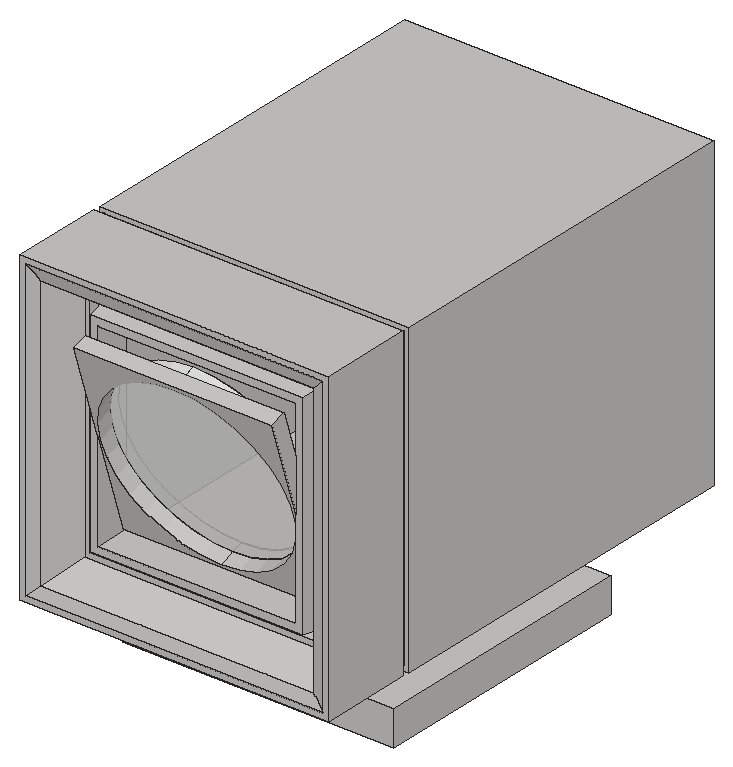
Revit family "Lighting-Luminii-Leto_44_Plus_WM_A_MID new", category Lighting Fixtures, host Face, Revit 2020
Family settings
  Host = Face
  Round Connector Dimension = Use Diameter
  Part Type = Normal
  OmniClass Number = 23.80.70.11.14.11
  OmniClass Title = Downlights
  Cut with Voids When Loaded = No
  Light Source = Yes
  Shared = Yes
  Room Calculation Point = No
Parameters (values of type "Leto 44 PLUS WM A MID")
  Width = 0' - 6 15/16"  # constant formula
  Wattage Comments = "6.5W"
  Wattage = 6.49954 W
  Warranty URL = "https://www.luminii.com/terms-conditions/"
  built-in parameter 1150110 = 1 (stored number, unit not read)
  Voltage Comments = "120V | 277V | 347V"  # constant formula
  Voltage = 120 V
  Version = "2020 - v1.0a"  # constant formula
  URL = "https://www.luminii.com/"
  built-in parameter 1114217 = 1 (stored number, unit not read)
  Tilt Angle = 0.00°  # constant formula
  built-in parameter 1150109 = 1 (stored number, unit not read)
  built-in parameter 1150134 = (empty or 0)
  built-in parameter 1150113 = 1 (stored number, unit not read)
  Support Phone = "224-699-9545"  # constant formula
  Support Email = "mailto:support@bimsmith.com"
  Product Page URL = "https://www.luminii.com/product/leto-44-plus-wm-a-mid/"
  Power Source Type = "Driver"  # constant formula
  Power Factor = 1
  Photometric Web File = "711A-A90-618-35-10-DL.ies"
  Phase = 1
  Operating Temperature = "Consult Manufacturer Website for more Information"  # constant formula
  Number of Poles = if(and(or(Voltage = 120 V, Voltage = 277 V), Phase = 1), 1, if(and(or(Voltage = 208 V, Voltage = 240 V), Phase = 1), 2, if(and(or(Voltage = 208 V, Voltage = 240 V), Phase = 3), 3, if(and(Voltage > 300 V, Phase = 1), 2, if(and(Voltage > 400 V, Phase = 3), 3, 1)))))  # 1
  Mounting Method = "Wall Mount"  # constant formula
  Model = "711"  # constant formula
  Manufacturer Phone Number = "403-216-7043"  # constant formula
  Manufacturer Email = "mailto: info@sensolighting.com"
  Manufacturer Address = "302 50 Ave SE. Calgary, Alberta, T2G 2A9 Canada"  # constant formula
  Manufacturer = "Luminii"  # constant formula
  built-in parameter 1150105 = 55.704 (stored number, unit not read)
  Lumens = 700 lm
  Luminaire Type = "Wall Mount Asymmetric LED Downlight"  # constant formula
  built-in parameter 1150115 = 1 (stored number, unit not read)
  Load Classification = Lighting
  built-in parameter 1150137 = (empty or 0)
  built-in parameter 1150139 = (empty or 0)
  Lens Material = Plastic - Luminii - Frosted Lens
  Length = 0' - 5 9/16"  # constant formula
  built-in parameter 1150112 = 1 (stored number, unit not read)
  built-in parameter 1150114 = 1 (stored number, unit not read)
  Lamp Life = 1
  Lamp = "LED"  # constant formula
  Keynote = "26 50 00"
  built-in parameter 1150132 = 2
  built-in parameter 1150102 = (empty or 0)
  built-in parameter 1150107 = 3500 (stored number, unit not read)
  Initial Color Comments = "Perfomance based on 3500K Photometric Web File"  # constant formula
  built-in parameter 1150138 = (empty or 0)
  built-in parameter 1150106 = 0.55704 (stored number, unit not read)
  Housing Protection Rating = "Consult Manufacturer Website for more Information"  # constant formula
  Has Dimming = 1 = 1  # yes
  Has Battery Backup = 0 = 1  # no
  Frequency Comments = ""  # constant formula
  Frequency = 60 Hz
  Finish = Metal - Luminii - Silver Anodized Aluminum
  Environment = "Indoor"  # constant formula
  built-in parameter 1150104 = 10.006 (stored number, unit not read)
  Dimming Type = "Consult Manufacturer Website for more Information"  # constant formula
  Dimming Lamp Color Temperature Shift = <None>
  Description = "Wall Mount Asymmetric LED Downlight"  # constant formula
  Depth = 0' - 8 11/16"  # constant formula
  Default Elevation = 0' - 0"  # constant formula
  Current Amps = 50 A
  Copyright = "©2024 Luminii"  # constant formula
  Control Zone = "Consult Manufacturer Website for more Information"  # constant formula
  Control Type = "Consult Manufacturer Website for more Information"  # constant formula
  Constraints = 1  # constant formula
  Color Filter = 16777215
  built-in parameter 1114216 [instance] = 0  # (empty or 0)
  built-in parameter 1140040 [instance] = 1 = 1  # 1
  CCT = "3500K"
  built-in parameter 1114218 = 1 (stored number, unit not read)
  built-in parameter 1150133 = 10 (stored number, unit not read)
  Assembly Code = "D5020200"
  Apparent Load = Wattage / Power Factor  # 6.49954 VA
Reference planes (in)
  plane 1 "Center (Front/Back)": y = 0
  plane 2: z = 0
  plane 3 "Center (Left/Right)": x = 0
  plane 4: x = 2.78125
  plane 5: x = -2.78125
  plane 6: y = 4.34375
  plane 7: y = -4.34375
  plane 8: z = 4.16492
  plane 9: z = 1.37992
  plane 10: z = 6.9375
Forms (in)
  Extrusion 1, solid, material "Metal - Luminii - Silver Anodized Aluminum", not visible
    sketch origin (0, 0, 0) x (1, 0, 0) y (0, 1, 0)
      loop
        circle (0, 0) r 0.5
    from 0 to -0.17225
Dimensions and locks (in)
  equal spacing: plane 5, plane 3 "Center (Left/Right)", plane 4
  equal spacing: plane 6, plane 1 "Center (Front/Back)", plane 7
  imposter light to plane 9 = 0' - 2.77879"
  locked: plane 9 to host face at 1.37992
  equal spacing: plane 10, imposter light, plane 9
  plane 10 to plane 9 = 0' - 5.55758"
  "Depth": plane 7 to plane 6
  "Width": host face to plane 10
  "Length": plane 4 to plane 5
  aligned and locked: plane 2 to host face
  aligned and locked: plane 3 "Center (Left/Right)" to Extrusion 1 sketch curve
  aligned and locked: plane 1 "Center (Front/Back)" to Extrusion 1 sketch curve
  aligned and locked: plane 2 to Extrusion 1  (x2)
  aligned and locked: imposter light to plane 3 "Center (Left/Right)"
Automatic sketch dimensions
  host sketch curve to host sketch curve = 8' - 0"  (x2)
  radius of Extrusion 1 sketch curve = 0' - 0 1/2"
Nested families (in)
  nested 1: "Nested - Lamp" at (0, 0, 0), type "Nested - Lamp"
Connectors (in)
  electrical at (0, 0, 0), driven by "Number of Poles", driven by "Load Classification", driven by "Voltage", driven by "Apparent Load", driven by "Power Factor"
    settings: on Extrusion 1, index 1, voltage 120 V, apparent load 6.49954 VA, apparent load phase1 0 VA, apparent load phase2 0 VA, apparent load phase3 0 VA, power factor 1, load classification "Lighting", number of poles 1, system type 30, power factor state 1, is connector primary yes, connector utility no, sub classification motor no, connector description "Power Connection"
Definition of nested family "Nested - Lamp"
  Parameters (values of type "Nested - Lamp")
    Width = 0' - 5.57087"  # constant formula
    Screen Material = none
    Inner Screen = none
    Height = 0' - 6.49606"  # constant formula
    Finish = none
    Default Elevation = 4' - 0"
    Constraint = 3
  Reference planes (in)
    plane 1 "Center (Front/Back)": y = 0
    plane 2: z = 0
    plane 3 "Center (Left/Right)": x = 0
    plane 4: z = 3.25
    plane 5: z = 4.16492
    plane 6: x = -1.87008
    plane 7: x = 1.87008
    plane 8: x = -2.785
    plane 9: x = 2.785
    plane 10: y = -4.3305
    plane 11: y = 4.3305
  Forms (in)
    Extrusion 1, solid
      sketch origin (0, 0, 0) x (1, 0, 0) y (0, 1, 0)
        loop
          line (-48, 48) -> (-48, -48) -> (48, -48) -> (48, 48) -> (-48, 48)
      from 0 to -12
    Sweep 2, solid, material <- "Finish", detail levels medium+fine
      path origin (-0.03362, -2.16535, 6.49563) x (0, 0, 1) y (-1, 0, 0)
        loop
          line (0.45479, -2.81862) -> (0.45479, 2.75138) -> (-5.11621, 2.75138) -> (-5.11621, -2.81862) -> (0.45479, -2.81862)
      profile origin (2.785, -2.16535, 4.16492) x (0, -1, 0) y (1, 0, 0)
        loop
          line (-6.49585, 0) -> (-6.49585, -0.07874) -> (-6.299, -0.07874) -> (-6.299, -0.21654) -> (1.03115, -0.21654) -> (1.03115, -1) -> (1.66515, -1) -> (1.66515, -0.875) -> (1.25132, -0.81684)
          arc (1.25132, -0.81684) -> (1.22765, -0.79301) -> (1.24683, -0.76544) r 0.02623
          line (1.24683, -0.76544) -> (1.53115, -0.74056) -> (1.53115, -0.65072) -> (2.09953, -0.32428) -> (2.16515, -0.10547) -> (2.16515, 0) -> (0.4999, 0) -> (0.4999, -0.07874) -> (0.3749, -0.07874) -> (0.3749, 0) -> (-6.49585, 0)
    Extrusion 3, solid, material <- "Finish"
      sketch origin (1.59205, -4.15711, 6.82304) x (0, 0.309017, -0.951057) y (1, 0, 0)
        loop
          line (4.45826, 0.19345) -> (0.88726, 0.19345) -> (0.88726, -3.37755) -> (4.45826, -3.37755) -> (4.45826, 0.19345)
        loop
          circle (2.67276, -1.59205) r 1.738
      from 0.23419 to 0.51772
    Extrusion 4, solid, material <- "Screen Material"
      sketch origin (1.59205, -5.57739, 6.36157) x (0, 0.309017, -0.951057) y (1, 0, 0)
        loop
          circle (2.67276, -1.59205) r 1.738
      from -1.25917 to -1.46931
    Extrusion 5, solid, material <- "Finish", detail levels medium+fine
      sketch origin (-0.03362, -1.42778, 6.03258) x (0, 0, 1) y (-1, 0, 0)
        loop
          line (0.8391, -2.73988) -> (0.8391, 2.67263) -> (-4.57442, 2.67263) -> (-4.57442, -2.73988) -> (0.8391, -2.73988)
        loop
          line (-1.27711, -0.35085) -> (-0.52144, -0.35085)
          arc (-0.52144, -0.35085) -> (-0.24585, -0.07526) -> (-0.52144, 0.20033) r 0.27559
          line (-0.52144, 0.20033) -> (-1.27711, 0.20033)
          arc (-1.27711, 0.20033) -> (-1.49982, 0.29258) -> (-1.59207, 0.51529) r 0.31496
          line (-1.59207, 0.51529) -> (-1.59207, 1.14748)
          arc (-1.59207, 1.14748) -> (-1.86766, 1.42307) -> (-2.14325, 1.14748) r 0.27559
          line (-2.14325, 1.14748) -> (-2.14325, 0.55693)
          arc (-2.14325, 0.55693) -> (-2.2355, 0.33422) -> (-2.45821, 0.24197) r 0.31496
          line (-2.45821, 0.24197) -> (-3.04876, 0.24197)
          arc (-3.04876, 0.24197) -> (-3.32435, -0.03362) -> (-3.04876, -0.30922) r 0.27559
          line (-3.04876, -0.30922) -> (-2.45821, -0.30922)
          arc (-2.45821, -0.30922) -> (-2.2355, -0.40147) -> (-2.14325, -0.62418) r 0.31496
          line (-2.14325, -0.62418) -> (-2.14325, -1.21473)
          arc (-2.14325, -1.21473) -> (-1.86766, -1.49032) -> (-1.59207, -1.21473) r 0.27559
          line (-1.59207, -1.21473) -> (-1.59207, -0.66582)
          arc (-1.59207, -0.66582) -> (-1.49982, -0.4431) -> (-1.27711, -0.35085) r 0.31496
      from -5.75828 to -5.68358
    Extrusion 6, solid, material <- "Finish", detail levels medium+fine
      sketch origin (-0.03362, -1.42778, 6.03258) x (0, 0, 1) y (-1, 0, 0)
        loop
          line (0.8391, -2.73988) -> (0.8391, 2.67263) -> (-4.57442, 2.67263) -> (-4.57442, -2.73988) -> (0.8391, -2.73988)
        loop
          circle (-1.86766, -0.03362) r 0.87104
        loop
          circle (-1.86766, -0.03362) r 0.71409
      from -5.36862 to -5.30882
    Sweep 7, solid, material <- "Finish", detail levels coarse
      path origin (0.8813, -3.24782, 6.49563) x (0, 0, 1) y (-1, 0, 0)
        loop
          line (0.45479, -1.9042) -> (0.45479, 3.6668) -> (-5.11621, 3.6668) -> (-5.11621, -1.9042) -> (0.45479, -1.9042)
      profile origin (2.7855, -3.24782, 4.16492) x (0, -1, 0) y (1, 0, 0)
        loop
          line (-7.57832, 0) -> (-7.57832, -0.07874) -> (-7.38147, -0.07874) -> (-7.38147, -0.21654) -> (-0.05132, -0.21654) -> (-0.05132, -1.00515) -> (0.58268, -1.00515) -> (0.58268, -0.43704) -> (1.05685, -0.1647) -> (1.08268, -0.09375) -> (1.08268, 0) -> (-7.57832, 0)
    Extrusion 8, solid, material <- "Finish"
      sketch origin (-0.03362, 1.25, 6.49606) x (0, 1, 0) y (-1, 0, 0)
        loop
          line (1.1875, 2.40732) -> (-3.6875, 2.40732) -> (-3.6875, -2.47457) -> (1.1875, -2.47457) -> (1.1875, 2.40732)
      from -6.49606 to -5.86614
    Extrusion 9, solid, material <- "Finish"
      sketch origin (-0.03362, 1.25, 6.49606) x (0, 1, 0) y (-1, 0, 0)
        loop
          line (-0.38386, -0.89977) -> (-0.38386, 0.83252) -> (-2.11614, 0.83252) -> (-2.11614, -0.89977) -> (-0.38386, -0.89977)
      from -5.11614 to -5.86614
    Extrusion 10, solid, material <- "Finish", detail levels coarse
      sketch origin (-0.03362, -1.42778, 6.03258) x (0, 0, 1) y (-1, 0, 0)
        loop
          line (0.8391, -2.73988) -> (0.8391, 2.67263) -> (-4.57442, 2.67263) -> (-4.57442, -2.73988) -> (0.8391, -2.73988)
      from -5.75828 to -5.68358
  Lines and regions (in)
    reference lines
      curve 1: line (0, -3.68874, 4.16492) -> (0, -3.68874, 8.12942)
  Dimensions and locks (in)
    Sweep 7 to Extrusion 1 = 0' - 1.37942"
    Sweep 7 to Sweep 7 = 0' - 5.571"
    Sweep 7 to plane 4 = 0' - 1.87058"
    Sweep 7 to plane 5 = 0' - 2.7855"
    plane 6 to plane 7 = 0' - 3.74016"
    plane 6 to plane 3 "Center (Left/Right)" = 0' - 1.87008"
    plane 3 "Center (Left/Right)" to Sweep 7 = 0' - 2.7855"
    equal spacing: plane 11, plane 1 "Center (Front/Back)", plane 10
    Sweep 7 to Sweep 7 = 0' - 1.00515"
    Sweep 2 to Sweep 2 = 0' - 1"
    Sweep 2 to Sweep 2 = 0' - 0 1/8"
    Sweep 2 to plane 10 = 0' - 0 1/2"
    plane 10 to Sweep 2 sketch curve = 0' - 0 1/2"
    plane 10 to Sweep 2 sketch curve = 0' - 1.134"
    locked: Extrusion 8 sketch curve to plane 3 "Center (Left/Right)" at 2.44094
    locked: plane 1 "Center (Front/Back)" to Extrusion 8 sketch curve at 2.4375
    locked: Extrusion 8 sketch curve to plane 1 "Center (Front/Back)" at 2.4375
    locked: plane 3 "Center (Left/Right)" to Extrusion 8 sketch curve at 2.44094
    Extrusion 3 sketch curve to Extrusion 3 sketch curve = 0' - 3.571"
    angle Sweep 7 sketch curve to plane 10 = 20.00°
    angle Sweep 7 sketch curve to Sweep 7 sketch curve = 119.87°
    aligned and locked: plane 2 to Extrusion 1
    aligned and locked: level to Extrusion 1
  Automatic sketch dimensions
    Extrusion 1 sketch curve to Extrusion 1 sketch curve = 8' - 0"  (x2)
    plane 9 to Sweep 2 sketch curve = 0' - 0"
    Sweep 2 sketch curve to plane 8 = 0' - 0"
    level to Sweep 2 sketch curve = 0' - 1.37942"
    plane 5 to Sweep 2 sketch curve = 0' - 2.7855"
    Sweep 2 sketch curve to profile plane = 0' - 0"  (x2)
    profile plane to Sweep 2 sketch curve = 0' - 0.07874"
    profile plane to Sweep 2 sketch curve = 0' - 0.4999"
    Sweep 2 sketch curve to Sweep 2 sketch curve = 0' - 0 1/8"  (x2)
    profile plane to Sweep 2 sketch curve = 0' - 0.21654"
    Sweep 2 sketch curve to profile plane = 0' - 6.299"
    Sweep 2 sketch curve to Sweep 2 sketch curve = 0' - 0.19685"
    Sweep 2 sketch curve to Sweep 2 sketch curve = 0' - 0.21568"
    Sweep 2 sketch curve to Sweep 2 sketch curve = 0' - 0.0045"
    Sweep 2 sketch curve to Sweep 2 sketch curve = 0' - 0.00245"
    profile plane to Sweep 2 sketch curve = 0' - 0.65072"
    Sweep 2 sketch curve to Sweep 2 sketch curve = 0' - 0.134"
    profile plane to Sweep 2 sketch curve = 0' - 0.32428"
    Sweep 2 sketch curve to Sweep 2 sketch curve = 0' - 0.56838"
    profile plane to Sweep 2 sketch curve = 0' - 0 27/256"
    Sweep 2 sketch curve to Sweep 2 sketch curve = 0' - 0.06562"
    Sweep 2 sketch curve to Sweep 2 sketch curve = 0' - 0 23/256"
    Sweep 2 sketch curve to Sweep 2 sketch curve = 0' - 0.02488"
    Sweep 2 sketch curve to Sweep 2 sketch curve = 0' - 0.02529"
    Sweep 2 sketch curve to Sweep 2 sketch curve = 0' - 0.13444"
    Sweep 2 sketch curve to Sweep 2 sketch curve = 0' - 0.07874"
    Extrusion 5 sketch curve to plane 3 "Center (Left/Right)" = 0' - 0"
    Extrusion 5 sketch curve to plane 5 = 0' - 0"  (x2)
    Extrusion 5 sketch curve to Extrusion 5 sketch curve = 0' - 0.27559"  (x2)
    plane 4 to Extrusion 5 sketch curve = 0' - 0.32437"  (x2)
    Extrusion 5 sketch curve to plane 4 = 0' - 0.26618"
    plane 9 to Extrusion 5 sketch curve = 0' - 0.07874"
    level to Extrusion 5 sketch curve = 0' - 1.45816"
    Extrusion 5 sketch curve to plane 3 "Center (Left/Right)" = 0' - 0.23395"
    Extrusion 5 sketch curve to Extrusion 5 sketch curve = 0' - 0.31496"  (x2)
    plane 3 "Center (Left/Right)" to Extrusion 5 sketch curve = 0' - 0.31723"
    Extrusion 5 sketch curve to Extrusion 5 sketch curve = 0' - 0.75567"
    plane 8 to Extrusion 5 sketch curve = 0' - 0.07874"
    plane 5 to Extrusion 5 sketch curve = 0' - 2.70676"
    Extrusion 5 sketch curve to Extrusion 5 sketch curve = 0' - 0.54891"
    plane 3 "Center (Left/Right)" to Extrusion 5 sketch curve = 0' - 0.59055"
    Extrusion 5 sketch curve to Extrusion 5 sketch curve = 0' - 0.63219"
    Extrusion 6 sketch curve to Extrusion 6 sketch curve = 0' - 0"  (x2)
    Extrusion 6 sketch curve to plane 3 "Center (Left/Right)" = 0' - 0"
    Extrusion 6 sketch curve to plane 5 = 0' - 0"
    plane 9 to Extrusion 6 sketch curve = 0' - 0.07874"
    level to Extrusion 6 sketch curve = 0' - 1.45816"
    plane 5 to Extrusion 6 sketch curve = 0' - 2.70676"
    plane 8 to Extrusion 6 sketch curve = 0' - 0.07874"
    Sweep 7 sketch curve to plane 9 = 0' - 0.0005"
    level to Sweep 7 sketch curve = 0' - 1.37942"
    Sweep 7 sketch curve to plane 8 = 0' - 0.0005"
    plane 5 to Sweep 7 sketch curve = 0' - 2.7855"
    Sweep 7 sketch curve to profile plane = 0' - 0"
    profile plane to Sweep 7 sketch curve = 0' - 0.07874"
    Sweep 7 sketch curve to profile plane = 0' - 7.57832"
    Sweep 7 sketch curve to Sweep 7 sketch curve = 0' - 0.19685"
    Sweep 7 sketch curve to profile plane = 0' - 0.05132"
    profile plane to Sweep 7 sketch curve = 0' - 0.58268"
    profile plane to Sweep 7 sketch curve = 0' - 0.1647"
    Sweep 7 sketch curve to Sweep 7 sketch curve = 0' - 0.47418"
    profile plane to Sweep 7 sketch curve = 0' - 0 3/32"
    Sweep 7 sketch curve to Sweep 7 sketch curve = 0' - 0.56811"
    Sweep 7 sketch curve to Sweep 7 sketch curve = 0' - 0.1378"
    plane 1 "Center (Front/Back)" to Extrusion 9 sketch curve = 0' - 0.86614"
    Extrusion 9 sketch curve to plane 1 "Center (Front/Back)" = 0' - 0.86614"
    plane 3 "Center (Left/Right)" to Extrusion 9 sketch curve = 0' - 0.86614"
    Extrusion 9 sketch curve to plane 3 "Center (Left/Right)" = 0' - 0.86614"
    plane 9 to Extrusion 10 sketch curve = 0' - 0.07874"
    level to Extrusion 10 sketch curve = 0' - 1.45816"
    plane 8 to Extrusion 10 sketch curve = 0' - 0.07874"
    plane 5 to Extrusion 10 sketch curve = 0' - 2.70676"
    curve 1 to plane 5 = 0' - 0"
    plane 10 to curve 1 = 0' - 0.64176"
    plane 5 to curve 1 = 0' - 3.9645"
    Extrusion 3 sketch curve to plane 3 "Center (Left/Right)" = 0' - 0"
    plane 7 to Extrusion 3 sketch curve = 0' - 0.08458"
    Extrusion 3 sketch curve to Extrusion 3 sketch curve = 0' - 1.7855"
    plane 6 to Extrusion 3 sketch curve = 0' - 0.08458"
    Extrusion 4 sketch curve to Extrusion 4 sketch curve = 0' - 0"  (x2)
    Extrusion 4 sketch curve to plane 3 "Center (Left/Right)" = 0' - 0"
    Extrusion 4 sketch curve to Extrusion 4 sketch curve = 0' - 1.738"
    radius of Extrusion 6 sketch curve = 0' - 0.87104"
    radius of Extrusion 6 sketch curve = 0' - 0.71409"
    radius of Extrusion 3 sketch curve = 0' - 1.738"
